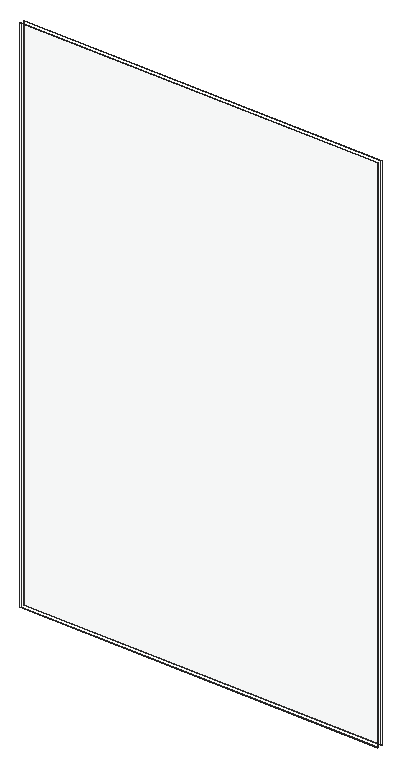
Revit family "Building-Materials_Glass-Glazing_Vitro-Architectural-Glass_Solargray-Glass", category Curtain Panels, Revit 2026
Family settings
  Classification Number = 23.25.20.14.11.11.17
  Always vertical = Yes
  Cut with Voids When Loaded = No
  Shared = No
Parameters (values of type "Solargray + Clear")
  Visual Light Transmittance = 0.4
  UV Light Transmittance = 0.2
  URL = "https://www.vitroglazings.com/"
  U-Value Argon (Winter Night) = 0.4500 BTU/(h·ft²·°F)
  U-Value Argon (Summer Day) = 0.4800 BTU/(h·ft²·°F)
  U-Value Air (Winter Night) = 0.4700 BTU/(h·ft²·°F)
  U-Value Air (Summer Day) = 0.5000 BTU/(h·ft²·°F)
  Total Thickness = Airspace Thickness + [1st Lite Thickness] + [2nd Lite Thickness]  # 0' - 1"
  Thermal Resistance (R) = 8.3333 (h·ft²·°F)/BTU  # constant formula
  Solar Light Transmittance = 0.33
  Solar Heat Gain Coefficient = 0.46
  Shadow Coefficient = 0.53
  Reflectance (Visible Interior) = 13
  Reflectance (Visible Exterior) = 7
  Product data url = "https://www.bimobject.com/vitroarchictecturalglass/product/solargray-glass"
  Product Page URL = "https://www.vitroglazings.com/products/performance-tinted-glass/gray-bronze-tinted-glass/solargray-glass/"
  Product Guid = "9234bf05-ba3a-48e5-88ce-c86a2ec74097"
  Model = "Solargray + Clear"
  Manufacturer = "Vitro Architectural Glass "  # constant formula
  Light to Solar Gain = 0.87
  Keynote = "08900"  # constant formula
  Interior Glass Material = Vitro Architectural-Glass - Clear
  ISO Damage Weighted Transmittance = 0.356
  Heat Transfer Coefficient (U) = 0.2900 BTU/(h·ft²·°F)  # constant formula
  Glass Code = 2
  Finish = "Glass"  # constant formula
  Exterior Glass Material = Vitro Architectural-Glass - Solargray
  Description = "Solargray® glass has been a popular choice for commercial structures because of its cool, medium‑gray appearance and ability to control solar heat gain and glare. In a one-inch insulating glass unit (IGU), Solargray® glass provides visual light transmittance (VLT) of 40 percent. Solargray® glass may also be combined with Sungate® 400 glass in a one-inch IGU for improved solar heat gain performance and lower U-values. Solargray® glass’s light‑gray color makes it an attractive choice in combination with almost any other exterior cladding material."  # constant formula
  Define Thermal Properties by = Schematic Type
  Assembly Code = "B2020220"
  Analytic Construction = "Low-E double glazing (1/4 in + 1/4 in)"
  Airspace Thickness = 0' - 0 1/2"  # constant formula
  2nd Lite Thickness = 0' - 0 1/4"  # constant formula
  1st Lite Thickness = 0' - 0 1/4"  # constant formula
Types (17): name | Visual Light Transmittance | UV Light Transmittance | U-Value Argon (Winter Night) | U-Value Argon (Summer Day) | U-Value Air (Winter Night) | U-Value Air (Summer Day) | Solar Light Transmittance | Solar Heat Gain Coefficient | Shadow Coefficient | Reflectance (Visible Interior) | Reflectance (Visible Exterior) | Model | Light to Solar Gain | Interior Glass Material | ISO Damage Weighted Transmittance | Glass Code | Exterior Glass Material
  Solargray + Clear | 0.4 | 0.2 | 0.4500 BTU/(h·ft²·°F) | 0.4800 BTU/(h·ft²·°F) | 0.4700 BTU/(h·ft²·°F) | 0.5000 BTU/(h·ft²·°F) | 0.33 | 0.46 | 0.53 | 13 | 7 | "Solargray + Clear" | 0.87 | Vitro Architectural-Glass - Clear | 0.356 | 2 | Vitro Architectural-Glass - Solargray
  Solargray + Sungate 400 (3) Clear | 0.38 | 0.12 | 0.2800 BTU/(h·ft²·°F) | 0.2600 BTU/(h·ft²·°F) | 0.3200 BTU/(h·ft²·°F) | 0.3100 BTU/(h·ft²·°F) | 0.27 | 0.39 | 0.44 | 12 | 7 | "Solargray + Sungate 400 (3) Clear" | 0.97 | Vitro Architectural-Glass - Sungate 400 (3) Clear | 0.316 | 3 | Vitro Architectural-Glass - Solargray
  Solarban 60 (2) Solargray  + Clear | 0.35 | 0.08 | 0.2400 BTU/(h·ft²·°F) | 0.2200 BTU/(h·ft²·°F) | 0.2900 BTU/(h·ft²·°F) | 0.2700 BTU/(h·ft²·°F) | 0.18 | 0.25 | 0.29 | 10 | 6 | "Solarban 60 (2) Solargray  + Clear" | 1.4 | Vitro Architectural-Glass - Clear | 0.276 | 4 | Vitro Architectural-Glass - Solarban 60 (2) Solargray
  Solargray + Solarban 60 (3) Clear | 0.35 | 0.08 | 0.2400 BTU/(h·ft²·°F) | 0.2200 BTU/(h·ft²·°F) | 0.2900 BTU/(h·ft²·°F) | 0.2700 BTU/(h·ft²·°F) | 0.18 | 0.29 | 0.33 | 9 | 7 | "Solargray + Solarban 60 (3) Clear" | 1.21 | Vitro Architectural-Glass - Solarban 60 (3) Clear | 0.276 | 5 | Vitro Architectural-Glass - Solargray
  Solarban 67 (2) Solargray  + Clear | 0.27 | 0.05 | 0.2400 BTU/(h·ft²·°F) | 0.2200 BTU/(h·ft²·°F) | 0.2900 BTU/(h·ft²·°F) | 0.2700 BTU/(h·ft²·°F) | 0.13 | 0.2 | 0.23 | 15 | 8 | "Solarban 67 (2) Solargray  + Clear" | 1.35 | Vitro Architectural-Glass - Clear | 0.205 | 6 | Vitro Architectural-Glass - Solarban 67 (2) Solargray
  Solargray + Solarban 67 (3) Clear | 0.27 | 0.05 | 0.2400 BTU/(h·ft²·°F) | 0.2200 BTU/(h·ft²·°F) | 0.2900 BTU/(h·ft²·°F) | 0.2700 BTU/(h·ft²·°F) | 0.13 | 0.26 | 0.3 | 18 | 8 | "Solargray + Solarban 67 (3) Clear" | 1.04 | Vitro Architectural-Glass - Solarban 67 (3) Clear | 0.206 | 7 | Vitro Architectural-Glass - Solargray
  Solarban 70 (2) Solargray  + Clear | 0.32 | 0.03 | 0.2400 BTU/(h·ft²·°F) | 0.2100 BTU/(h·ft²·°F) | 0.2800 BTU/(h·ft²·°F) | 0.2600 BTU/(h·ft²·°F) | 0.12 | 0.19 | 0.21 | 13 | 7 | "Solarban 70 (2) Solargray  + Clear" | 1.68 | Vitro Architectural-Glass - Clear | 0.223 | 8 | Vitro Architectural-Glass - Solarban 70 (2) Solargray
  Solargray + Solarban 70 (3) | 0.32 | 0.02 | 0.2400 BTU/(h·ft²·°F) | 0.2100 BTU/(h·ft²·°F) | 0.2800 BTU/(h·ft²·°F) | 0.2600 BTU/(h·ft²·°F) | 0.13 | 0.24 | 0.27 | 11 | 7 | "Solargray + Solarban 70 (3)" | 1.33 | Vitro Architectural-Glass - Solarban 70 (3) | 0.223 | 9 | Vitro Architectural-Glass - Solargray
  Solarban R100 (2) Solargray + Clear | 0.21 | 0.05 | 0.2500 BTU/(h·ft²·°F) | 0.2200 BTU/(h·ft²·°F) | 0.2900 BTU/(h·ft²·°F) | 0.2700 BTU/(h·ft²·°F) | 0.1 | 0.17 | 0.19 | 13 | 12 | "Solarban R100 (2) Solargray + Clear" | 1.24 | Vitro Architectural-Glass - Clear | 0.172 | 10 | Vitro Architectural-Glass - Solarban R100 (2) Solargray
  Solarban 90 (2) Solargray  + Clear | 0.26 | 0.03 | 0.2400 BTU/(h·ft²·°F) | 0.2100 BTU/(h·ft²·°F) | 0.2900 BTU/(h·ft²·°F) | 0.2700 BTU/(h·ft²·°F) | 0.1 | 0.17 | 0.19 | 18 | 6 | "Solarban 90 (2) Solargray  + Clear" | 1.53 | Vitro Architectural-Glass - Clear | 0.184 | 11 | Vitro Architectural-Glass - Solarban 90 (2) Solargray
  Solargray + Solarban 90 (3) Clear | 0.25 | 0.03 | 0.2400 BTU/(h·ft²·°F) | 0.2100 BTU/(h·ft²·°F) | 0.2900 BTU/(h·ft²·°F) | 0.2700 BTU/(h·ft²·°F) | 0.1 | 0.22 | 0.25 | 11 | 8 | "Solargray + Solarban 90 (3) Clear" | 1.14 | Vitro Architectural-Glass - Solarban 90 (3) Clear | 0.184 | 12 | Vitro Architectural-Glass - Solargray
  Solarcool (2) Solargray + Clear | 0.16 | 0.06 | 0.4500 BTU/(h·ft²·°F) | 0.4800 BTU/(h·ft²·°F) | 0.4700 BTU/(h·ft²·°F) | 0.5000 BTU/(h·ft²·°F) | 0.18 | 0.32 | 0.36 | 38 | 11 | "Solarcool (2) Solargray + Clear" | 0.5 | Vitro Architectural-Glass - Clear | 0.117 | 13 | Vitro Architectural-Glass - Solarcool (2) Solargray
  Solarcool (2) Solargray + Solarban 60 (3) Clear | 0.14 | 0.02 | 0.2400 BTU/(h·ft²·°F) | 0.2200 BTU/(h·ft²·°F) | 0.2900 BTU/(h·ft²·°F) | 0.2700 BTU/(h·ft²·°F) | 0.08 | 0.17 | 0.2 | 29 | 11 | "Solarcool (2) Solargray + Solarban 60 (3) Clear" | 0.82 | Vitro Architectural-Glass - Solarban 60 (3) Clear | 0.092 | 14 | Vitro Architectural-Glass - Solarcool (2) Solargray
  Solarcool (2) Solargray + Solarban 70 (3) | 0.13 | 0.01 | 0.2400 BTU/(h·ft²·°F) | 0.2100 BTU/(h·ft²·°F) | 0.2800 BTU/(h·ft²·°F) | 0.2600 BTU/(h·ft²·°F) | 0.05 | 0.14 | 0.16 | 27 | 11 | "Solarcool (2) Solargray + Solarban 70 (3)" | 0.93 | Vitro Architectural-Glass - Solarban 70 (3) | 0.076 | 15 | Vitro Architectural-Glass - Solarcool (2) Solargray
  Solarcool (2) Solargray + Solarban 90 (3) Clear | 0.1 | 0.01 | 0.2400 BTU/(h·ft²·°F) | 0.2100 BTU/(h·ft²·°F) | 0.2900 BTU/(h·ft²·°F) | 0.2700 BTU/(h·ft²·°F) | 0.04 | 0.14 | 0.16 | 22 | 11 | "Solarcool (2) Solargray + Solarban 90 (3) Clear" | 0.71 | Vitro Architectural-Glass - Solarban 90 (3) Clear | 0.064 | 16 | Vitro Architectural-Glass - Solarcool (2) Solargray
  Solarcool (1) Solargray + Clear | 0.15 | 0.06 | 0.4500 BTU/(h·ft²·°F) | 0.4800 BTU/(h·ft²·°F) | 0.4700 BTU/(h·ft²·°F) | 0.5000 BTU/(h·ft²·°F) | 0.17 | 0.28 | 0.32 | 17 | 36 | "Solarcool (1) Solargray + Clear" | 0.54 | Vitro Architectural-Glass - Clear | 0.115 | 17 | Vitro Architectural-Glass - Solarcool (1) Solargray
  Solarcool (1) Solargray + Solarban 90 (3) Clear | 0.1 | 0.01 | 0.0000 BTU/(h·ft²·°F) | 0.0000 BTU/(h·ft²·°F) | 0.2900 BTU/(h·ft²·°F) | 0.2700 BTU/(h·ft²·°F) | 0.04 | 0.11 | 0.13 | 13 | 37 | "Solarcool (1) Solargray + Solarban 90 (3) Clear" | 0 | Vitro Architectural-Glass - Solarban 90 (3) Clear | 0.061 | 18 | Vitro Architectural-Glass - Solarcool (1) Solargray
Reference planes (in)
  plane 1 "Front": y = 0
  plane 2: z = 0
  plane 3 "Center (Left/Right)": x = 0
  plane 4 "Left": x = -32.75106
  plane 5 "Right": x = 32.75106
  plane 6 "Top": z = 96
  plane 7: y = 0.25
  plane 8: y = -0.25
Forms (in)
  Extrusion 1, solid, material "Vitro Architectural-Glass - Clear" <- "Interior Glass Material"
    sketch origin (0, 0.5, 0) x (1, 0, 0) y (0, 1, 0)
      loop
        line (-32.75106, 0) -> (-32.75106, -0.25) -> (32.75106, -0.25) -> (32.75106, 0) -> (-32.75106, 0)
    from 0 to 96
  Extrusion 2, solid, material "Vitro Architectural-Glass - Solargray" <- "Exterior Glass Material"
    sketch origin (0, -0.5, 0) x (1, 0, 0) y (0, 1, 0)
      loop
        line (-32.75106, 0.25) -> (-32.75106, 0) -> (32.75106, 0) -> (32.75106, 0.25) -> (-32.75106, 0.25)
    from 0 to 96
Text (in)
  text "Exterior" at (-54.29358, 31.38743, 0), in view "Ref. Level"
  text "Exterior" at (480, 41.53993, 89.60405), in view "Right"
  text "Exterior" at (-240, 57.82419, 105.78864), in view "Left"
Dimensions and locks (in)
  equal spacing: plane 4 "Left", plane 3 "Center (Left/Right)", plane 5 "Right"
  "2nd Lite Thickness": Extrusion 2 sketch curve to Extrusion 2 sketch curve
  equal spacing: plane 7, plane 1 "Front", plane 8
  "Airspace Thickness": plane 7 to plane 8
  "1st Lite Thickness": Extrusion 1 sketch curve to plane 7
  "Total Thickness": Extrusion 2 to Extrusion 1
  aligned and locked: level to plane 2
  aligned and locked: Extrusion 1 sketch curve to plane 4 "Left"
  aligned and locked: plane 5 "Right" to Extrusion 1 sketch curve
  aligned and locked: plane 5 "Right" to Extrusion 2 sketch curve
  aligned and locked: Extrusion 2 sketch curve to plane 4 "Left"
  aligned and locked: Extrusion 1 to plane 6 "Top"
  aligned and locked: Extrusion 1 to level
  aligned and locked: Extrusion 2 to plane 6 "Top"
  aligned and locked: Extrusion 2 to level
  aligned and locked: plane 8 to Extrusion 2
  aligned and locked: plane 7 to Extrusion 1 sketch curve
  aligned and locked: Extrusion 2 sketch curve to plane 8
